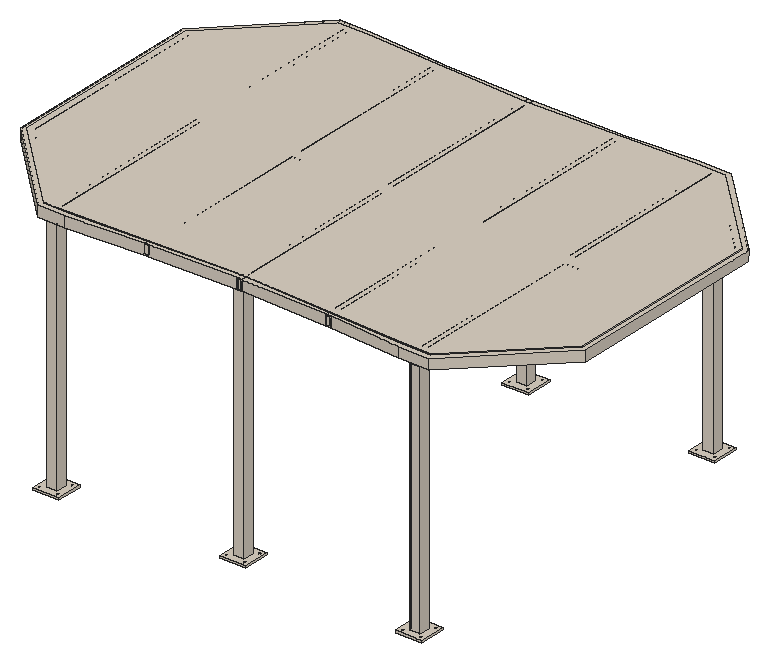
Revit family "Sun-Shades_MARICI_PalmSHIELD", category Generic Models, Revit 2022
Family settings
  Can host rebar = No
  Round Connector Dimension = Use Diameter
  Part Type = Normal
  Work Plane-Based = No
  Always vertical = Yes
  Cut with Voids When Loaded = No
  Maintain Annotation Orientation = No
  Shared = No
  Room Calculation Point = No
Parameters (values of type "MARICI-SUN-SHADE-Wood Finish")
  Width [instance] = 18' - 0"
  URL = "https://palmshieldlouvers.com/"
  Specification = "https://www.arcat.com/company/palmshield-53925/spec"
  Product Page URL = "https://www.arcat.com/company/palmshield-53925"
  PalmSHIELD - Wood = "PalmSHIELD - Wood"
  Material [instance] = PalmSHIELD - Alloy
  Manufacturer = "PalmSHIELD"  # constant formula
  Depth [instance] = 12' - 0"
  Keynote = "06 87 00"
  Height [instance] = 8' - 0"
  Default Elevation = 0' - 0"
  Copyright = "©ARCAT"  # constant formula
  Column Height [instance] = Height - 0' 4"  # 7' - 8"
  CAD Details = "https://www.arcat.com/company/palmshield-53925/cad"
Types (2): name | PalmSHIELD - Wood | Material
  MARICI-SUN-SHADE-Wood Finish | "PalmSHIELD - Wood" | PalmSHIELD - Alloy
  MARICI-SUN-SHADE-Aluminum Finish | "PalmSHIELD - Aluminum" | PalmSHIELD - Black
Reference planes (in)
  plane 1 "Center (Front/Back)": y = 4.05635
  plane 2: z = 0
  plane 3 "Center (Left/Right)": x = 0
  plane 4: y = 76.05635
  plane 5: y = -67.94365
  plane 6: x = 104
  plane 7: x = -104
  plane 8: x = -69.33333
  plane 9: x = 69.33333
  plane 10: x = 108
  plane 11: x = -108
  plane 12: y = 72.05635
  plane 13: y = -63.94365
  plane 14: x = -34.66667
  plane 15: x = 34.66667
  plane 16: y = 68.05635
  plane 17: y = -59.94365
  plane 18: y = 74.05635
  plane 19: y = -65.94365
  plane 20: y = 70.05635
  plane 21: y = -61.94365
  plane 22: x = -74.66667
  plane 23: x = 74.66667
  plane 24: z = 96
  plane 25: z = 95.75
  plane 26: z = 92
  plane 27: z = 92.25
  plane 28: x = -107.75
  plane 29: x = -104.25
  plane 30: x = -64.66667
  plane 31: x = 64.66667
  plane 32: y = -52.66067
  plane 33: z = 95.84252
  plane 34: y = 6.05635
  plane 35: y = 5.93135
  plane 36: y = 4.18135
  plane 37: y = 2.05635
  plane 38: y = 2.18135
  plane 39: y = 3.93135
  plane 40: z = 95.875
  plane 41: z = 92.125
  plane 42: x = -70.33333
  plane 43: x = -68.33333
  plane 44: x = -70.20833
  plane 45: x = -68.45833
  plane 46: x = 70.33333
  plane 47: x = 68.33333
  plane 48: x = 70.20833
  plane 49: x = 68.45833
  plane 50: x = -1
  plane 51: x = 1
  plane 52: x = -0.875
  plane 53: x = 0.875
  plane 54: x = -35.66667
  plane 55: x = -33.66667
  plane 56: x = -35.54167
  plane 57: x = -33.79167
  plane 58: x = 33.66667
  plane 59: x = 35.66667
  plane 60: x = 33.79167
  plane 61: x = 35.54167
  plane 62: y = 70.05635
  plane 63: z = 96.25
Forms (in)
  Sweep 1, solid, material "PalmSHIELD - Alloy" <- "Material"
    path origin (0, 0, 0) x (1, 0, 0) y (0, 1, 0)
      loop
        line (-108, 42.72302) -> (-108, -34.61031) -> (-74.66667, -67.94365) -> (-64.23274, -67.94365)
        arc (-64.23274, -67.94365) -> (-32.41944, -66.02992) -> (-0.55528, -65.37874) r 803.8703
        arc (-0.55528, -65.37874) -> (31.30889, -66.02992) -> (63.12219, -67.94365) r 803.8703
        line (63.12219, -67.94365) -> (74.66667, -67.94365) -> (108, -34.61031) -> (108, 42.72302) -> (74.66667, 76.05635) -> (62.50018, 76.05635)
        arc (62.50018, 76.05635) -> (31.27456, 74.1907) -> (0, 73.54139) r 803.82089
        arc (0, 73.54139) -> (-31.27456, 74.1907) -> (-62.50018, 76.05635) r 803.82089
        line (-62.50018, 76.05635) -> (-74.66667, 76.05635) -> (-108, 42.72302)
    profile origin (-108, 4.05635, 0) x (1, 0, 0) y (0, 0, 1)
      loop
        line (0, 96) -> (0, 92) -> (4, 92) -> (4, 96) -> (0, 96)
      loop
        line (0.25, 95.75) -> (0.25, 92.25) -> (3.75, 92.25) -> (3.75, 95.75) -> (0.25, 95.75)
  Extrusion 2, solid, material "PalmSHIELD - Alloy" <- "Material"
    sketch origin (0, 0, 0) x (0, 1, 0) y (0, 0, 1)
      loop
        line (6.05635, 92) -> (6.05635, 96) -> (4.05635, 96) -> (4.05635, 92) -> (6.05635, 92)
      loop
        line (5.93135, 92.125) -> (5.93135, 95.875) -> (4.18135, 95.875) -> (4.18135, 92.125) -> (5.93135, 92.125)
    from -104 to 104
  Extrusion 3, solid, material "PalmSHIELD - Alloy" <- "Material"
    sketch origin (0, 0, 0) x (0, 1, 0) y (0, 0, 1)
      loop
        line (4.05635, 96) -> (2.05635, 96) -> (2.05635, 92) -> (4.05635, 92) -> (4.05635, 96)
      loop
        line (3.93135, 95.875) -> (2.18135, 95.875) -> (2.18135, 92.125) -> (3.93135, 92.125) -> (3.93135, 95.875)
    from -104 to 104
  Extrusion 4, solid, material "PalmSHIELD - Alloy" <- "Material"
    sketch origin (0, 4.05635, 0) x (1, 0, 0) y (0, 0, 1)
      loop
        line (-70.33333, 96) -> (-70.33333, 92) -> (-68.33333, 92) -> (-68.33333, 96) -> (-70.33333, 96)
      loop
        line (-68.45833, 95.875) -> (-70.20833, 95.875) -> (-70.20833, 92.125) -> (-68.45833, 92.125) -> (-68.45833, 95.875)
      loop
        line (68.33333, 96) -> (68.33333, 92) -> (70.33333, 92) -> (70.33333, 96) -> (68.33333, 96)
      loop
        line (70.20833, 95.875) -> (68.45833, 95.875) -> (68.45833, 92.125) -> (70.20833, 92.125) -> (70.20833, 95.875)
    from -2 to -68
  Extrusion 5, solid, material "PalmSHIELD - Alloy" <- "Material"
    sketch origin (0, 4.05635, 0) x (1, 0, 0) y (0, 0, 1)
      loop
        line (-35.66667, 96) -> (-35.66667, 92) -> (-33.66667, 92) -> (-33.66667, 96) -> (-35.66667, 96)
      loop
        line (-33.79167, 92.125) -> (-33.79167, 95.875) -> (-35.54167, 95.875) -> (-35.54167, 92.125) -> (-33.79167, 92.125)
      loop
        line (33.66667, 96) -> (33.66667, 92) -> (35.66667, 92) -> (35.66667, 96) -> (33.66667, 96)
      loop
        line (33.79167, 95.875) -> (33.79167, 92.125) -> (35.54167, 92.125) -> (35.54167, 95.875) -> (33.79167, 95.875)
    from -2 to -114.21802
  Extrusion 6, solid, material "PalmSHIELD - Alloy" <- "Material"
    sketch origin (0, 4.05635, 0) x (1, 0, 0) y (0, 0, 1)
      loop
        line (-1, 96) -> (-1, 92) -> (1, 92) -> (1, 96) -> (-1, 96)
      loop
        line (-0.875, 95.875) -> (-0.875, 92.125) -> (0.875, 92.125) -> (0.875, 95.875) -> (-0.875, 95.875)
    from -114.21802 to -2
  Extrusion 7, solid, material "PalmSHIELD - Alloy" <- "Material"
    sketch origin (0, 4.05635, 0) x (1, 0, 0) y (0, 0, -1)
      loop
        line (-70.33333, -96) -> (-68.33333, -96) -> (-68.33333, -92) -> (-70.33333, -92) -> (-70.33333, -96)
      loop
        line (-68.45833, -95.875) -> (-68.45833, -92.125) -> (-70.20833, -92.125) -> (-70.20833, -95.875) -> (-68.45833, -95.875)
      loop
        line (68.33333, -96) -> (70.33333, -96) -> (70.33333, -92) -> (68.33333, -92) -> (68.33333, -96)
      loop
        line (70.20833, -95.875) -> (70.20833, -92.125) -> (68.45833, -92.125) -> (68.45833, -95.875) -> (70.20833, -95.875)
    from -2 to -68
  Extrusion 8, solid, material "PalmSHIELD - Alloy" <- "Material"
    sketch origin (0, 4.05635, 0) x (1, 0, 0) y (0, 0, -1)
      loop
        line (-35.66667, -96) -> (-33.66667, -96) -> (-33.66667, -92) -> (-35.66667, -92) -> (-35.66667, -96)
      loop
        line (-33.79167, -92.125) -> (-35.54167, -92.125) -> (-35.54167, -95.875) -> (-33.79167, -95.875) -> (-33.79167, -92.125)
      loop
        line (33.66667, -96) -> (35.66667, -96) -> (35.66667, -92) -> (33.66667, -92) -> (33.66667, -96)
      loop
        line (33.79167, -95.875) -> (35.54167, -95.875) -> (35.54167, -92.125) -> (33.79167, -92.125) -> (33.79167, -95.875)
    from -2 to -112.92527
  Extrusion 9, solid, material "PalmSHIELD - Alloy" <- "Material"
    sketch origin (0, 4.05635, 0) x (1, 0, 0) y (0, 0, -1)
      loop
        line (-1, -96) -> (1, -96) -> (1, -92) -> (-1, -92) -> (-1, -96)
      loop
        line (-0.875, -95.875) -> (0.875, -95.875) -> (0.875, -92.125) -> (-0.875, -92.125) -> (-0.875, -95.875)
    from -112.92527 to -2
  Extrusion 10, solid, material "PalmSHIELD - Alloy" <- "Material"
    sketch origin (0, 0, 0) x (1, 0, 0) y (0, 1, 0)
      loop
        line (-74.66667, 76.05635) -> (-108, 42.72302) -> (-108, -34.61031) -> (-74.66667, -67.94365) -> (-64.23274, -67.94365)
        arc (-64.23274, -67.94365) -> (-32.41944, -66.02992) -> (-0.55528, -65.37874) r 803.8703
        arc (-0.55528, -65.37874) -> (31.30889, -66.02992) -> (63.12219, -67.94365) r 803.8703
        line (63.12219, -67.94365) -> (74.66667, -67.94365) -> (108, -34.61031) -> (108, 42.72302) -> (74.66667, 76.05635) -> (62.50018, 76.05635)
        arc (62.50018, 76.05635) -> (31.27456, 74.1907) -> (0, 73.54139) r 803.82089
        arc (0, 73.54139) -> (-31.27456, 74.1907) -> (-62.50018, 76.05635) r 803.82089
        line (-62.50018, 76.05635) -> (-74.66667, 76.05635)
    from 96 to 96.25
  Extrusion 11, void
    sketch origin (0, 0, 0) x (1, 0, 0) y (0, 1, 0)
      loop
        line (-74.66667, 76.05635) -> (-108, 42.72302) -> (-108, -34.61031) -> (-74.66667, -67.94365) -> (-64.23274, -67.94365)
        arc (-64.23274, -67.94365) -> (-32.41944, -66.02992) -> (-0.55528, -65.37874) r 803.8703
        arc (-0.55528, -65.37874) -> (31.30889, -66.02992) -> (63.12219, -67.94365) r 803.8703
        line (63.12219, -67.94365) -> (74.66667, -67.94365) -> (108, -34.61031) -> (108, 42.72302) -> (74.66667, 76.05635) -> (62.50018, 76.05635)
        arc (62.50018, 76.05635) -> (31.27456, 74.1907) -> (0, 73.54139) r 803.82089
        arc (0, 73.54139) -> (-31.27456, 74.1907) -> (-62.50018, 76.05635) r 803.82089
        line (-62.50018, 76.05635) -> (-74.66667, 76.05635)
      loop
        line (-73.83824, 74.05635) -> (-106, 41.89459) -> (-106, -33.78189) -> (-73.83824, -65.94365) -> (-64.29774, -65.94365)
        arc (-64.29774, -65.94365) -> (-32.45188, -64.0308) -> (-0.55528, -63.37993) r 805.86911
        arc (-0.55528, -63.37993) -> (31.34133, -64.0308) -> (63.18719, -65.94365) r 805.86911
        line (63.18719, -65.94365) -> (73.83824, -65.94365) -> (106, -33.78189) -> (106, 41.89459) -> (73.83824, 74.05635) -> (62.5644, 74.05635)
        arc (62.5644, 74.05635) -> (31.30663, 72.19155) -> (0, 71.54256) r 805.81971
        arc (0, 71.54256) -> (-31.30663, 72.19155) -> (-62.5644, 74.05635) r 805.81971
        line (-62.5644, 74.05635) -> (-73.83824, 74.05635)
    from 96 to 96.25
  Extrusion 12, void
    sketch origin (0, 0, 0) x (1, 0, 0) y (0, 1, 0)
      loop
        line (-64.66667, 118.27437) -> (-64.66667, 76.23111)
        arc (-64.66667, 76.23111) -> (-32.36042, 74.23512) -> (0, 73.54139) r 803.82089
        arc (0, 73.54139) -> (32.36042, 74.23512) -> (64.66667, 76.23111) r 803.82089
        line (64.66667, 76.23111) -> (64.66667, 118.27437) -> (-64.66667, 118.27437)
    from 92 to 96.25
  Extrusion 13, void
    sketch origin (0, 0, 0) x (1, 0, 0) y (0, 1, 0)
      loop
        line (-64.66667, -67.97851) -> (-64.66667, -108.86892) -> (64.66667, -108.86892) -> (64.66667, -68.06882)
        arc (64.66667, -68.06882) -> (32.08301, -66.06147) -> (-0.55528, -65.37874) r 803.8703
        arc (-0.55528, -65.37874) -> (-32.63692, -66.03871) -> (-64.66667, -67.97851) r 803.8703
    from 92 to 96.25
Cuts and joins
  Extrusion 12 cuts Extrusion 5
  Extrusion 12 cuts Extrusion 6
  Extrusion 13 cuts Extrusion 8
  Extrusion 13 cuts Extrusion 9
  joined: Sweep 1, Extrusion 2, Extrusion 3, Extrusion 4, Extrusion 5, Extrusion 6, Extrusion 7, Extrusion 8, Extrusion 9
  Extrusion 11 cuts Extrusion 10
Dimensions and locks (in)
  equal spacing: plane 4, plane 1 "Center (Front/Back)", plane 5
  "Width": plane 11 to plane 10
  "Depth": plane 4 to plane 5
  plane 4 to plane 5 = 12' - 0"
  locked: plane 6 to plane 10 at 4
  plane 11 to plane 28 to plane 29 to plane 7 = 0' - 0 1/4" locked, 0' - 3 1/2" locked, 0' - 0 1/4" locked
  locked: plane 4 to plane 12 at 4
  locked: plane 13 to plane 5 at 4
  equal spacing: plane 7, plane 8, plane 14, plane 3 "Center (Left/Right)", plane 15, plane 9, plane 6
  plane 18 to plane 12 to plane 20 to plane 16 = 0' - 2" locked, 0' - 2" locked, 0' - 2" locked
  plane 17 to plane 21 to plane 13 to plane 19 = 0' - 2" locked, 0' - 2" locked, 0' - 2" locked
  plane 31 to plane 9 to plane 23 = 0' - 4.66667" locked, 0' - 5.33333" locked
  plane 22 to plane 8 to plane 30 = 0' - 5.33333" locked, 0' - 4.66667" locked
  "Height": plane 24 to level
  plane 24 to plane 25 to plane 27 to plane 26 = 0' - 0 1/4" locked, 0' - 3 1/2" locked, 0' - 0 1/4" locked
  plane 11 to plane 22 = 2' - 9.33333"
  plane 23 to plane 10 = 2' - 9.33333"
  locked: plane 24 to plane 33 at 0.15748
  locked: plane 36 to plane 1 "Center (Front/Back)" at 0.125
  locked: plane 34 to plane 35 at 0.125
  locked: plane 1 "Center (Front/Back)" to plane 34 at 2
  locked: plane 39 to plane 1 "Center (Front/Back)" at 0.125
  locked: plane 37 to plane 38 at 0.125
  locked: plane 1 "Center (Front/Back)" to plane 37 at 2
  locked: plane 24 to plane 40 at 0.125
  locked: plane 41 to plane 26 at 0.125
  plane 42 to plane 8 to plane 43 = 0' - 1" locked, 0' - 1" locked
  locked: plane 42 to plane 44 at 0.125
  locked: plane 45 to plane 43 at 0.125
  plane 46 to plane 9 to plane 47 = 0' - 1" locked, 0' - 1" locked
  locked: plane 46 to plane 48 at 0.125
  locked: plane 49 to plane 47 at 0.125
  plane 50 to plane 3 "Center (Left/Right)" to plane 51 = 0' - 1" locked, 0' - 1" locked
  locked: plane 50 to plane 52 at 0.125
  locked: plane 53 to plane 51 at 0.125
  plane 54 to plane 14 to plane 55 = 0' - 1" locked, 0' - 1" locked
  locked: plane 54 to plane 56 at 0.125
  locked: plane 57 to plane 55 at 0.125
  plane 58 to plane 15 to plane 59 = 0' - 1" locked, 0' - 1" locked
  locked: plane 58 to plane 60 at 0.125
  locked: plane 61 to plane 59 at 0.125
  locked: plane 63 to plane 24 at 0.25
  locked: cut or joined group 1 (Sweep 1, Extrusion 2, Extrusion 3, Extrusion 4, Extrusion 5, Extrusion 6, Extrusion 7, Extrusion 8, Extrusion 9, Extrusion 12, Extrusion 13) to plane 4 at 42.21802
  locked: plane 5 to cut or joined group 1 at 40.92527
  angle plane 4 to Sweep 1 = 45.00°  (x2)
  angle Sweep 1 to plane 5 = 45.00°
  locked: plane 4 to Sweep 1 sketch curve (angle 45.00°)
  locked: Sweep 1 sketch curve to plane 5 (angle 45.00°)
  locked: Sweep 1 sketch curve to plane 4 (angle 45.00°)
  locked: plane 5 to Sweep 1 sketch curve (angle 45.00°)
  angle Sweep 1 to plane 4 = 45.00°
  angle plane 5 to Sweep 1 = 45.00°
  angle plane 11 to Sweep 1 = 45.00°
  aligned and locked: plane 2 to level
  aligned and locked: plane 8 to nested 1
  aligned and locked: plane 4 to nested 1
  aligned and locked: nested 2 to plane 9
  aligned and locked: plane 4 to nested 2
  aligned and locked: plane 3 "Center (Left/Right)" to nested 3
  aligned and locked: plane 8 to nested 4
  aligned and locked: nested 4 to plane 19
  aligned and locked: nested 5 to plane 9
  aligned and locked: nested 5 to plane 19
  aligned and locked: nested 6 to plane 3 "Center (Left/Right)"
  aligned and locked: Sweep 1 sketch curve to plane 11  (x2)
  aligned and locked: plane 22 to Sweep 1 sketch curve  (x2)
  aligned and locked: plane 11 to Sweep 1 sketch curve
  aligned and locked: Sweep 1 sketch curve to plane 4
  aligned and locked: Sweep 1 sketch curve to plane 5
  aligned and locked: Sweep 1 sketch curve to plane 24
  aligned and locked: Sweep 1 sketch curve to plane 25
  aligned and locked: Sweep 1 sketch curve to plane 27
  aligned and locked: Sweep 1 sketch curve to plane 26
  aligned and locked: Sweep 1 sketch curve to plane 28
  aligned and locked: plane 29 to Sweep 1 sketch curve
  aligned and locked: Sweep 1 sketch curve to plane 7
  aligned and locked: plane 3 "Center (Left/Right)" to Sweep 1 sketch curve
  aligned and locked: plane 34 to Extrusion 2 sketch curve
  aligned and locked: plane 35 to Extrusion 2 sketch curve
  aligned and locked: plane 36 to Extrusion 2 sketch curve
  aligned and locked: Extrusion 2 sketch curve to plane 1 "Center (Front/Back)"
  aligned and locked: plane 24 to Extrusion 2 sketch curve
  aligned and locked: plane 40 to Extrusion 2 sketch curve
  aligned and locked: plane 26 to Extrusion 2 sketch curve
  aligned and locked: plane 41 to Extrusion 2 sketch curve
  aligned and locked: plane 7 to Extrusion 2
  aligned and locked: plane 6 to Extrusion 2
  aligned and locked: plane 24 to Extrusion 3 sketch curve
  aligned and locked: plane 40 to Extrusion 3 sketch curve
  aligned and locked: Extrusion 3 sketch curve to plane 38
  aligned and locked: Extrusion 3 sketch curve to plane 37
  aligned and locked: Extrusion 3 sketch curve to plane 39
  aligned and locked: Extrusion 3 sketch curve to plane 1 "Center (Front/Back)"
  aligned and locked: plane 41 to Extrusion 3 sketch curve
  aligned and locked: plane 26 to Extrusion 3 sketch curve
  aligned and locked: plane 7 to Extrusion 3
  aligned and locked: plane 6 to Extrusion 3
  aligned and locked: Extrusion 4 sketch curve to plane 24  (x2)
  aligned and locked: Extrusion 4 sketch curve to plane 26
  aligned and locked: Extrusion 4 sketch curve to plane 42
  aligned and locked: Extrusion 4 sketch curve to plane 43
  aligned and locked: plane 45 to Extrusion 4 sketch curve
  aligned and locked: Extrusion 4 sketch curve to plane 44
  aligned and locked: Extrusion 4 sketch curve to plane 41  (x2)
  aligned and locked: Extrusion 4 sketch curve to plane 40
  aligned and locked: plane 47 to Extrusion 4 sketch curve
  aligned and locked: plane 26 to Extrusion 4 sketch curve
  aligned and locked: Extrusion 4 sketch curve to plane 46
  aligned and locked: plane 40 to Extrusion 4 sketch curve
  aligned and locked: Extrusion 4 sketch curve to plane 48
  aligned and locked: Extrusion 4 sketch curve to plane 49
  aligned and locked: Extrusion 6 sketch curve to plane 24
  aligned and locked: plane 26 to Extrusion 6 sketch curve
  aligned and locked: Extrusion 6 sketch curve to plane 51
  aligned and locked: plane 53 to Extrusion 6 sketch curve
  aligned and locked: plane 52 to Extrusion 6 sketch curve
  aligned and locked: plane 50 to Extrusion 6 sketch curve
  aligned and locked: plane 41 to Extrusion 6 sketch curve
  aligned and locked: Extrusion 6 sketch curve to plane 40
  aligned and locked: Extrusion 5 sketch curve to plane 24  (x2)
  aligned and locked: Extrusion 5 sketch curve to plane 40  (x2)
  aligned and locked: plane 26 to Extrusion 5 sketch curve  (x2)
  aligned and locked: plane 41 to Extrusion 5 sketch curve  (x2)
  aligned and locked: plane 58 to Extrusion 5 sketch curve
  aligned and locked: plane 60 to Extrusion 5 sketch curve
  aligned and locked: plane 61 to Extrusion 5 sketch curve
  aligned and locked: Extrusion 5 sketch curve to plane 59
  aligned and locked: Extrusion 5 sketch curve to plane 55
  aligned and locked: plane 57 to Extrusion 5 sketch curve
  aligned and locked: plane 56 to Extrusion 5 sketch curve
  aligned and locked: plane 54 to Extrusion 5 sketch curve
  aligned and locked: plane 12 to Extrusion 4
  aligned and locked: Extrusion 4 to plane 34
  aligned and locked: Extrusion 5 to plane 34
  aligned and locked: Extrusion 6 to plane 34
  aligned and locked: plane 20 to plane 62
  aligned and locked: Extrusion 7 sketch curve to plane 24  (x2)
  aligned and locked: Extrusion 7 sketch curve to plane 40
  aligned and locked: Extrusion 7 sketch curve to plane 44
  aligned and locked: Extrusion 7 sketch curve to plane 42
  aligned and locked: plane 45 to Extrusion 7 sketch curve
  aligned and locked: Extrusion 7 sketch curve to plane 43
  aligned and locked: Extrusion 7 sketch curve to plane 26
  aligned and locked: Extrusion 7 sketch curve to plane 41  (x2)
  aligned and locked: plane 40 to Extrusion 7 sketch curve
  aligned and locked: plane 26 to Extrusion 7 sketch curve
  aligned and locked: Extrusion 7 sketch curve to plane 46
  aligned and locked: Extrusion 7 sketch curve to plane 48
  aligned and locked: Extrusion 7 sketch curve to plane 49
  aligned and locked: plane 47 to Extrusion 7 sketch curve
  aligned and locked: Extrusion 8 sketch curve to plane 24  (x2)
  aligned and locked: plane 26 to Extrusion 8 sketch curve  (x2)
  aligned and locked: plane 41 to Extrusion 8 sketch curve  (x2)
  aligned and locked: Extrusion 8 sketch curve to plane 40  (x2)
  aligned and locked: Extrusion 8 sketch curve to plane 55
  aligned and locked: plane 57 to Extrusion 8 sketch curve
  aligned and locked: plane 56 to Extrusion 8 sketch curve
  aligned and locked: plane 54 to Extrusion 8 sketch curve
  aligned and locked: plane 61 to Extrusion 8 sketch curve
  aligned and locked: plane 60 to Extrusion 8 sketch curve
  aligned and locked: plane 58 to Extrusion 8 sketch curve
  aligned and locked: Extrusion 8 sketch curve to plane 59
  aligned and locked: plane 41 to Extrusion 9 sketch curve
  aligned and locked: plane 26 to Extrusion 9 sketch curve
  aligned and locked: Extrusion 9 sketch curve to plane 51
  aligned and locked: plane 53 to Extrusion 9 sketch curve
  aligned and locked: plane 52 to Extrusion 9 sketch curve
  aligned and locked: plane 50 to Extrusion 9 sketch curve
  aligned and locked: Extrusion 9 sketch curve to plane 24
  aligned and locked: Extrusion 9 sketch curve to plane 40
  aligned and locked: Extrusion 9 to plane 37
  aligned and locked: Extrusion 8 to plane 37
  aligned and locked: Extrusion 7 to plane 37
  aligned and locked: plane 37 to Extrusion 8
  aligned and locked: plane 37 to Extrusion 7
  aligned and locked: Extrusion 7 to plane 13
  aligned and locked: plane 13 to Extrusion 7
  aligned and locked: Extrusion 10 sketch curve to cut or joined group 1  (x8)
  aligned and locked: Extrusion 10 sketch curve to plane 4
  aligned and locked: Extrusion 10 sketch curve to plane 10
  aligned and locked: Extrusion 10 sketch curve to plane 5
  aligned and locked: Extrusion 10 sketch curve to plane 11
  aligned and locked: plane 63 to Extrusion 10
  aligned and locked: Extrusion 10 to plane 24
  aligned and locked: Extrusion 11 sketch curve to Extrusion 10  (x14)
  aligned and locked: plane 63 to Extrusion 11
  aligned and locked: Extrusion 11 to plane 24
  aligned and locked: cut or joined group 1 to cut or joined group 1  (x2)
  aligned and locked: Extrusion 12 sketch curve to plane 30
  aligned and locked: Extrusion 12 sketch curve to cut or joined group 1  (x3)
  aligned and locked: Extrusion 12 sketch curve to plane 31
  aligned and locked: plane 63 to Extrusion 12
  aligned and locked: Extrusion 12 to plane 26
  aligned and locked: nested 3 to cut or joined group 1
  aligned and locked: Extrusion 13 sketch curve to cut or joined group 1  (x3)
  aligned and locked: Extrusion 13 sketch curve to plane 30
  aligned and locked: plane 31 to Extrusion 13 sketch curve
  aligned and locked: plane 63 to Extrusion 13
  aligned and locked: Extrusion 13 to plane 26
  aligned and locked: nested 6 to cut or joined group 1
Automatic sketch dimensions
  Sweep 1 sketch curve to plane 4 = 0' - 0"
  Sweep 1 sketch curve to plane 5 = 0' - 0"
  Sweep 1 sketch curve to plane 23 = 0' - 0"  (x2)
  Sweep 1 sketch curve to plane 10 = 0' - 0"
  plane 30 to Sweep 1 sketch curve = 0' - 0.43392"
  plane 30 to Sweep 1 sketch curve = 0' - 2.16648"
  Sweep 1 sketch curve to plane 50 = 0' - 0.04447"  (x2)
  Sweep 1 sketch curve to plane 3 "Center (Left/Right)" = 0' - 0.06608"
  Sweep 1 sketch curve to plane 51 = 0' - 0.04447"
  Sweep 1 sketch curve to Sweep 1 sketch curve = 1' - 0.16648"
  Sweep 1 sketch curve to Sweep 1 sketch curve = 0' - 11.54447"
  Sweep 1 sketch curve to plane 5 = 66' - 9.30524"
  Sweep 1 sketch curve to Sweep 1 sketch curve = 0' - 0"
  plane 4 to Sweep 1 sketch curve = 66' - 9.30524"
  Extrusion 10 sketch curve to plane 5 = 0' - 0"
  Extrusion 10 sketch curve to plane 4 = 0' - 0"
  Extrusion 11 sketch curve to Extrusion 11 sketch curve = 0' - 0"  (x8)
  Extrusion 11 sketch curve to plane 18 = 0' - 0"  (x2)
  Extrusion 11 sketch curve to plane 19 = 0' - 0"  (x2)
  Extrusion 11 sketch curve to plane 3 "Center (Left/Right)" = 0' - 0"
  plane 22 to Extrusion 11 sketch curve = 0' - 0.82843"  (x2)
  plane 30 to Extrusion 11 sketch curve = 0' - 0.36893"
  Extrusion 11 sketch curve to Extrusion 11 sketch curve = 0' - 0.06422"
  Extrusion 11 sketch curve to Extrusion 11 sketch curve = 0' - 0.06499"
  Extrusion 11 sketch curve to plane 23 = 0' - 0.82843"  (x2)
  plane 6 to Extrusion 11 sketch curve = 0' - 2"
  Extrusion 11 sketch curve to Extrusion 11 sketch curve = 0' - 0.82843"  (x4)
  plane 28 to Extrusion 11 sketch curve = 0' - 1 3/4"
Nested families (in)
  nested 1: "STEEL SQ TUBE 4 X 4 X 0.25 CAPPED ASTM A500 GR.B" at (-69.33333, 74.05635, 0), type "STEEL SQ TUBE 4 X 4 X 0.25 CAPPED ASTM A500 GR.B"
  nested 2: "STEEL SQ TUBE 4 X 4 X 0.25 CAPPED ASTM A500 GR.B" at (69.33333, 74.05635, 0), type "STEEL SQ TUBE 4 X 4 X 0.25 CAPPED ASTM A500 GR.B"
  nested 3: "STEEL SQ TUBE 4 X 4 X 0.25 CAPPED ASTM A500 GR.B" at (0, 71.54139, 0), type "STEEL SQ TUBE 4 X 4 X 0.25 CAPPED ASTM A500 GR.B"
  nested 4: "STEEL SQ TUBE 4 X 4 X 0.25 CAPPED ASTM A500 GR.B" at (-69.33333, -65.94365, 0), type "STEEL SQ TUBE 4 X 4 X 0.25 CAPPED ASTM A500 GR.B"
  nested 5: "STEEL SQ TUBE 4 X 4 X 0.25 CAPPED ASTM A500 GR.B" at (69.33333, -65.94365, 0), type "STEEL SQ TUBE 4 X 4 X 0.25 CAPPED ASTM A500 GR.B"
  nested 6: "STEEL SQ TUBE 4 X 4 X 0.25 CAPPED ASTM A500 GR.B" at (0, -63.37874, 0), type "STEEL SQ TUBE 4 X 4 X 0.25 CAPPED ASTM A500 GR.B"
Definition of nested family "STEEL SQ TUBE 4 X 4 X 0.25 CAPPED ASTM A500 GR.B"
  Parameters (values of type "STEEL SQ TUBE 4 X 4 X 0.25 CAPPED ASTM A500 GR.B")
    WIDTH = 0' - 4"
    STEEL = none
    HEIGHT = 7' - 8"
    Default Elevation = 0' - 0"
    DEPTH = 0' - 4"
    BASE PLATE WIDTH = 0' - 10"
    BASE PLATE THICKNESS = 0' - 0 3/4"
    BASE PLATE DEPTH = 0' - 10"
  Reference planes (in)
    plane 1 "Center (Front/Back)": y = 0
    plane 2: z = 0
    plane 3 "Center (Left/Right)": x = 0
    plane 4: y = 2
    plane 5: y = -2
    plane 6: x = -2
    plane 7: x = 2
    plane 8: x = -1.75
    plane 9: x = 1.75
    plane 10: y = 1.75
    plane 11: y = -1.75
    plane 12: z = 92
    plane 13: x = -5
    plane 14: x = 5
    plane 15: y = 5
    plane 16: y = -5
    plane 17: z = 0.75
    plane 18: y = 3.5
    plane 19: y = -3.5
    plane 20: x = -3.5
    plane 21: x = 3.5
    plane 22: z = 91.75
  Forms (in)
    Extrusion 1, solid, material <- "STEEL"
      sketch origin (0, 0, 0) x (1, 0, 0) y (0, 1, 0)
        loop
          line (-2, 2) -> (-2, -2) -> (2, -2) -> (2, 2) -> (-2, 2)
        loop
          line (-1.75, 1.75) -> (-1.75, -1.75) -> (1.75, -1.75) -> (1.75, 1.75) -> (-1.75, 1.75)
      from 0.75 to 92
    Extrusion 2, solid, material <- "STEEL"
      sketch origin (0, 0, 0) x (1, 0, 0) y (0, 1, 0)
        loop
          line (-5, 5) -> (-5, -5) -> (5, -5) -> (5, 5) -> (-5, 5)
      from 0 to 0.75
    Extrusion 3, void
      sketch origin (0, 0, 0) x (1, 0, 0) y (0, 1, 0)
        loop
          circle (-3.5, 3.5) r 0.25
        loop
          circle (-3.5, -3.5) r 0.25
        loop
          circle (3.5, 3.5) r 0.25
        loop
          circle (3.5, -3.5) r 0.25
      from 0 to 0.75
    Extrusion 4, solid, material <- "STEEL"
      sketch origin (0, 0, 0) x (1, 0, 0) y (0, 1, 0)
        loop
          line (-1.75, 1.75) -> (-1.75, -1.75) -> (1.75, -1.75) -> (1.75, 1.75) -> (-1.75, 1.75)
      from 91.75 to 92
  Cuts and joins
    Extrusion 3 cuts Extrusion 2
    joined: Extrusion 1, Extrusion 4
  Dimensions and locks (in)
    equal spacing: plane 6, plane 3 "Center (Left/Right)", plane 7
    equal spacing: plane 4, plane 1 "Center (Front/Back)", plane 5
    "WIDTH": plane 6 to plane 7
    "DEPTH": plane 4 to plane 5
    locked: plane 4 to plane 10 at 0.25
    locked: plane 6 to plane 8 at 0.25
    locked: plane 9 to plane 7 at 0.25
    locked: plane 11 to plane 5 at 0.25
    "HEIGHT": plane 12 to level
    equal spacing: plane 15, plane 1 "Center (Front/Back)", plane 16
    equal spacing: plane 13, plane 3 "Center (Left/Right)", plane 14
    "BASE PLATE WIDTH": plane 13 to plane 14
    "BASE PLATE DEPTH": plane 15 to plane 16
    "BASE PLATE THICKNESS": plane 17 to plane 2
    equal spacing: plane 15, plane 18, plane 4, locked at 1.5 each
    equal spacing: plane 16, plane 19, plane 5, locked at 1.5 each
    equal spacing: plane 13, plane 20, plane 6, locked at 1.5 each
    equal spacing: plane 14, plane 21, plane 7, locked at 1.5 each
    locked: plane 12 to plane 22 at 0.25
    aligned and locked: plane 2 to level
    aligned and locked: Extrusion 1 sketch curve to plane 4
    aligned and locked: Extrusion 1 sketch curve to plane 10
    aligned and locked: Extrusion 1 sketch curve to plane 8
    aligned and locked: Extrusion 1 sketch curve to plane 6
    aligned and locked: plane 11 to Extrusion 1 sketch curve
    aligned and locked: Extrusion 1 sketch curve to plane 5
    aligned and locked: Extrusion 1 sketch curve to plane 7
    aligned and locked: plane 9 to Extrusion 1 sketch curve
    aligned and locked: plane 12 to Extrusion 1
    aligned and locked: Extrusion 2 sketch curve to plane 13
    aligned and locked: Extrusion 2 sketch curve to plane 15
    aligned and locked: Extrusion 2 sketch curve to plane 16
    aligned and locked: Extrusion 2 sketch curve to plane 14
    aligned and locked: Extrusion 2 to plane 2
    aligned and locked: plane 17 to Extrusion 2
    aligned and locked: Extrusion 1 to plane 17
    aligned and locked: plane 20 to Extrusion 3 sketch curve  (x2)
    aligned and locked: plane 18 to Extrusion 3 sketch curve  (x2)
    aligned and locked: plane 19 to Extrusion 3 sketch curve  (x2)
    aligned and locked: plane 21 to Extrusion 3 sketch curve  (x2)
    aligned and locked: Extrusion 3 to level
    aligned and locked: plane 17 to Extrusion 3
    aligned and locked: Extrusion 4 sketch curve to Extrusion 1  (x4)
    aligned and locked: Extrusion 4 to plane 22
    aligned and locked: plane 12 to Extrusion 4
  Automatic sketch dimensions
    radius of Extrusion 3 sketch curve = 0' - 0 1/4"  (x4)
